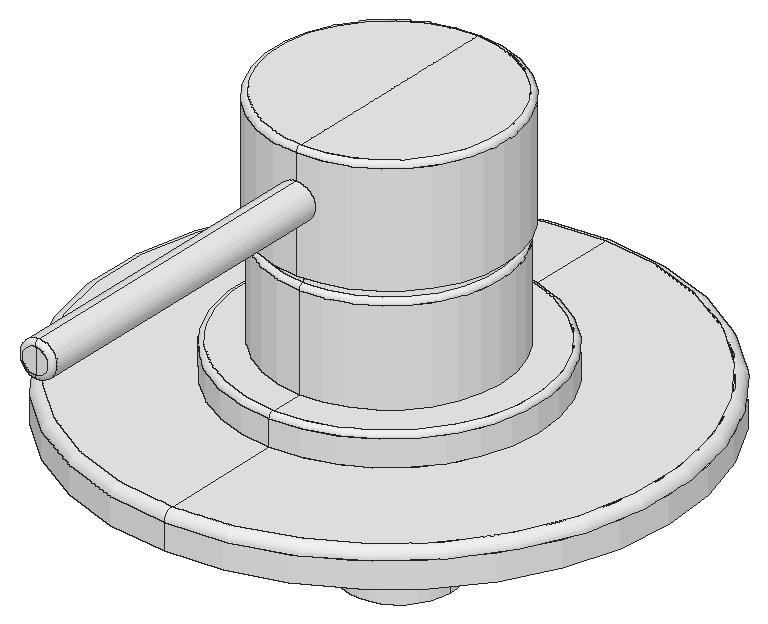
Revit family "Mixer-Bath Shower-Irwell Pin Lever", category Plumbing Fixtures, host Face, Revit 2013
Parameters (values of type "Standard")
  Waste Connection = no
  Vent Connection = no
  URL = "http://www.irwell.com.au/"
  Type Comments = "Irwell Pin Lever Bath/Shower Mixer"  # constant formula
  ModifiedIssue_ANZRS = 2013.1  # constant formula
  Model = "872552C"  # constant formula
  Material_ANZRS = Metal-Chrome-Caroma
  Manufacturer = "GWA Bathrooms & Kitchens"  # constant formula
  HWFU = 3  # constant formula
  HW Connection = yes
  Description = ""
  Default Elevation = 1000 mm
  CreatedBy_ANZRS = "Design Content"  # constant formula
  CreatedByURL_ANZRS = "www.designcontent.com.au"
  Cost = 0
  Connector Radius = 10 mm
  CWFU = 3  # constant formula
  CW Connection = yes
  Assembly Code = "C1030210"
Reference planes
  plane 1 "Center (Front/Back)": y = 0
  plane 2: z = 0
  plane 3 "Center (Left/Right)": x = 0
Forms (mm)
  Extrusion 1, solid, material "Metal-Chrome-Caroma" <- "Material_ANZRS"
    sketch origin (17.071, -2.929, 0) x (1, 0, 0) y (0, 1, 0)
      loop
        circle (-7.071, -7.071) r 10
    from -20 to 0
  Extrusion 2, solid, material "Metal-Chrome-Caroma" <- "Material_ANZRS"
    sketch origin (-17.071, -17.071, 0) x (-1, 0, 0) y (0, -1, 0)
      loop
        circle (-7.071, -7.071) r 10
    from -20 to 0
  Extrusion 3, solid, material "Metal-Chrome-Caroma" <- "Material_ANZRS"
    sketch origin (-7.071, 2.929, 0) x (-1, 0, 0) y (0, -1, 0)
      loop
        circle (-7.071, -7.071) r 10
    from -20 to 0
  Revolve 4, solid, material "Metal-Chrome-Caroma" <- "Material_ANZRS"
    sketch origin (0, 0, -88.5) x (0, 1, 0) y (0, 0, 1)
      loop
        line (0, 88.5) -> (0, 95.5) -> (-53, 95.5)
        arc (-53, 95.5) -> (-54.414, 94.914) -> (-55, 93.5) r 2
        line (-55, 93.5) -> (-55, 88.5) -> (0, 88.5)
      axis (0, 95.5) -> (0, 88.5)
    angle from 0 to 360
  Revolve 5, solid, material "Metal-Chrome-Caroma" <- "Material_ANZRS"
    sketch origin (0, 0, -99.5) x (0, 1, 0) y (0, 0, 1)
      loop
        line (0, 156.197) -> (0, 106.5) -> (29.353, 106.5) -> (29.353, 111.5)
        arc (29.353, 111.5) -> (29.06, 112.207) -> (28.353, 112.5) r 1
        line (28.353, 112.5) -> (21.945, 112.5) -> (21.945, 130.723)
        arc (21.945, 130.723) -> (21.652, 131.427) -> (20.947, 131.716) r 0.994
        line (20.947, 131.716) -> (20.481, 133.697) -> (22.726, 133.697) -> (22.726, 155.167)
        arc (22.726, 155.167) -> (22.424, 155.895) -> (21.696, 156.197) r 1.03
        line (21.696, 156.197) -> (0, 156.197)
      axis (0, 106.5) -> (0, 156.197)
    angle from 0 to 360
  Revolve 6, solid, material "Metal-Chrome-Caroma" <- "Material_ANZRS"
    sketch origin (0, -27.447, -65.441) x (0, 1, 0) y (0, 0, 1)
      loop
        line (-59.147, 112.675) -> (23.116, 112.675) -> (23.116, 116.16) -> (-58.147, 116.16)
        arc (-58.147, 116.16) -> (-58.854, 115.867) -> (-59.147, 115.16) r 1
        line (-59.147, 115.16) -> (-59.147, 112.675)
      axis (23.116, 112.675) -> (-59.147, 112.675)
    angle from 0 to 360
Cuts and joins
  joined: Revolve 4, Revolve 5, Revolve 6
Lines and regions (mm)
  Masking region 1
    outline origin (0, 26, 0) x (1, 0, 0) y (0, 1, 0)
      loop
        line (0, -112.593) -> (2.5, -112.593)
        arc (2.5, -112.593) -> (3.207, -112.3) -> (3.5, -111.593) r 1
        line (3.5, -111.593) -> (3.5, -80.889)
        arc (3.5, -80.889) -> (0, 29) -> (-3.5, -80.889) r 55
        line (-3.5, -80.889) -> (-3.5, -111.593)
        arc (-3.5, -111.593) -> (-3.207, -112.3) -> (-2.5, -112.593) r 1
        line (-2.5, -112.593) -> (0, -112.593)
  Masking region 2
    outline origin (0, 0, 0) x (1, 0, 0) y (0, 0, 1)
      loop
        line (29.353, 7) -> (29.353, 12)
        arc (29.353, 12) -> (29.06, 12.707) -> (28.353, 13) r 1
        line (28.353, 13) -> (21.945, 13) -> (21.945, 31.261)
        arc (21.945, 31.261) -> (21.652, 31.965) -> (20.947, 32.254) r 0.994
        line (20.947, 32.254) -> (20.481, 34.235) -> (22.726, 34.235) -> (22.726, 55.705)
        arc (22.726, 55.705) -> (22.424, 56.433) -> (21.696, 56.735) r 1.03
        line (21.696, 56.735) -> (0, 56.735) -> (-21.696, 56.735)
        arc (-21.696, 56.735) -> (-22.424, 56.433) -> (-22.726, 55.705) r 1.03
        line (-22.726, 55.705) -> (-22.726, 34.235) -> (-20.481, 34.235) -> (-20.947, 32.254)
        arc (-20.947, 32.254) -> (-21.652, 31.965) -> (-21.945, 31.261) r 0.994
        line (-21.945, 31.261) -> (-21.945, 13) -> (-28.353, 13)
        arc (-28.353, 13) -> (-29.06, 12.707) -> (-29.353, 12) r 1
        line (-29.353, 12) -> (-29.353, 7) -> (-52.945, 7)
        arc (-52.945, 7) -> (-54.359, 6.414) -> (-54.945, 5) r 2
        line (-54.945, 5) -> (-54.945, 0) -> (0, 0) -> (54.945, 0) -> (54.945, 5)
        arc (54.945, 5) -> (54.359, 6.414) -> (52.945, 7) r 2
        line (52.945, 7) -> (29.353, 7)
  symbolic lines
    curve 1: circle (0, 0, 0) r 22.726 normal (0, 0, 1)
    curve 2: arc (3.5, -29.143, 0) -> (0, 29.353, 0) -> (-3.5, -29.143, 0) r 29.353
    curve 3: line (-3.5, -69.863, 0) -> (-3.5, -22.455, 0)
    curve 4: line (3.5, -69.863, 0) -> (3.5, -22.455, 0)
    curve 5: line (-29.353, 0, 7) -> (0, 0, 7)
    curve 6: line (0, 0, 7) -> (29.353, 0, 7)
    curve 7: line (21.945, 0, 13) -> (-21.945, 0, 13)
    curve 8: line (20.947, 0, 32.216) -> (-20.947, 0, 32.216)
    curve 9: line (20.481, 0, 34.197) -> (-20.481, 0, 34.197)
Dimensions and locks
  aligned and locked: plane 2 to host face
  aligned and locked: level to host face
Connectors
  piping at (10, -10, -20), driven by "Connector Radius", driven by "CWFU"
    settings: on Extrusion 1, index 3, connector radius 0.3937", flow factor 0, pipe flow 0 GPM, pressure drop 0.00 psi, fitting loss kfactor 0, connector angle 0.00°, fixture units 3, engagement length 0 mm, flow configuration 3, flow direction 1, fitting loss method 1, system type 20, joint type 0, gender type 0, connector reference index -1, connector utility 0, adjustable connector no, is connector primary yes, fitting loss table "Inward Projecting Pipe", connector description "Cold Inlet"
  piping at (-10, -10, -20), driven by "Connector Radius", driven by "HWFU"
    settings: on Extrusion 2, index 4, connector radius 0.3937", flow factor 0, pipe flow 0 GPM, pressure drop 0.00 psi, fitting loss kfactor 0, connector angle 0.00°, fixture units 3, engagement length 0 mm, flow configuration 3, flow direction 1, fitting loss method 1, system type 19, joint type 0, gender type 0, connector reference index -1, connector utility 0, adjustable connector no, is connector primary no, fitting loss table "Inward Projecting Pipe", connector description "Hot Inlet"
  piping at (0, 10, -20), driven by "Connector Radius", driven by "HWFU"
    settings: on Extrusion 3, index 6, connector radius 0.3937", flow factor 0, pipe flow 0 GPM, pressure drop 0.00 psi, fitting loss kfactor 0, connector angle 0.00°, fixture units 3, engagement length 0 mm, flow configuration 3, flow direction 2, fitting loss method 1, system type 19, joint type 0, gender type 0, connector reference index -1, connector utility 0, adjustable connector no, is connector primary no, fitting loss table "Inward Projecting Pipe", connector description "Bath Outlet"
